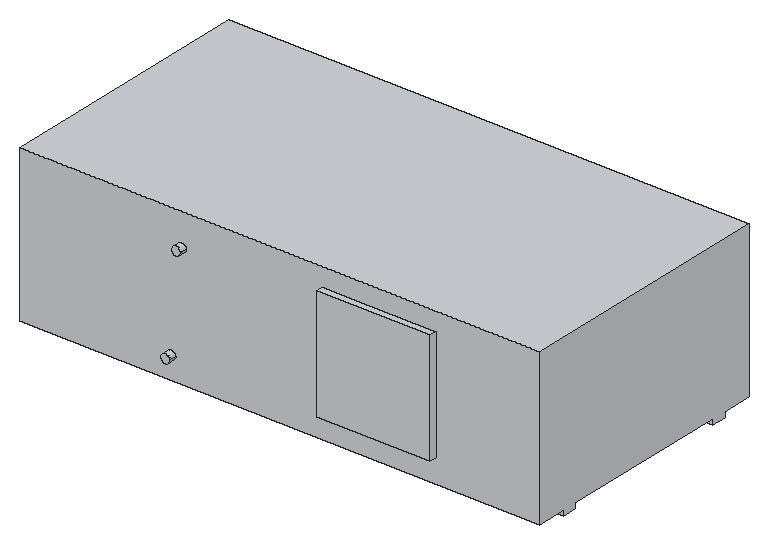
Revit family "M_WSHP - Horizontal - 21 kW - Retorno esquerdo - Descarga direita", category Equipamento mecânico, Revit 2019
Family settings
  Cota do conector redondo = Usar raio
  Tipo de parte = Normal
  Número OmniClass = 23.75.10.21.17
  Título OmniClass = Water-Source Heat Pumps
  ID de item do Seek = WSHP - Horizontal - 21 kW - Left Return - Right Discharge-0000-CAN-ENU
  Com base no plano de trabalho = Não
  Sempre na vertical = Sim
  Corte com vazios quando carregada = Não
  Compartilhado = Não
  Ponto de cálculo do ambiente = Não
Parameters (values of type "21 kW")
  Raio do fornecimento de água = 15 mm
  Diâmetro do fornecimento de água = Raio do fornecimento de água * 2  # 30 mm
  Raio do retorno da água = 15 mm
  Diâmetro do retorno da água = Raio do retorno da água * 2  # 30 mm
  Queda de pressão da água [instance] = 26200.1 Pa
  Fluxo da água [instance] = 1.14 L/s
  Voltagem = 460 V
  Largura do ar de fornecimento = 400 mm
  Altura do ar de fornecimento = 400 mm
  Largura do ar de retorno = 1300 mm
  Altura do ar de retorno = 450 mm
  Largura da bomba = 922 mm
  Material da bomba = none
  Comprimento da bomba = 1836.4 mm
  Altura da bomba = 548.7 mm
  Número de pólos = 3
  Classificação de carga = Refrigeração
  Fluxo da drenagem [instance] = 0.0 L/s
  Raio da condensação = 10 mm
  Diâmetro da condensação = Raio da condensação * 2  # 20 mm
  C6 Deslocamento 2 = 142.3 mm
  C6 Deslocamento 1 = 50.8 mm
  C5 Deslocamento 2 = 25.4 mm
  C5 Deslocamento 1 = 497.9 mm
  C4 Deslocamento 2 = 101.6 mm
  C4 Deslocamento 1 = 368.3 mm
  C2 Deslocamento 2 = 99 mm
  C2 Deslocamento 1 = 533.4 mm
  C1 Deslocamento 2 = 452.1 mm
  C1 Deslocamento 1 = 571.5 mm
  Carga aparente = 5934 VA
  Pressão estática externa [instance] = 273.72 Pa
  Fluxo de ar [instance] = 1132.67 L/s
Reference planes
  plane 1 "Centro (Frente/Trás)": y = 0
  plane 2: z = 0
  plane 3 "Centro (Esquerda/Direita)": x = 0
  plane 4: x = 1836.4
  plane 5: y = 922
  plane 6: z = 19.05
  plane 7: z = 567.75
  plane 8: y = 765.8
  plane 9: y = 156.2
  plane 10: y = 461
  plane 11: y = 816.6
  plane 12: y = 105.4
  plane 13: x = 1468.1
  plane 14: x = 1068.1
  plane 15: z = 101.6
  plane 16: z = 501.6
  plane 17: y = -25.4
  plane 18: x = 571.5
  plane 19: z = 452.1
  plane 20: x = 533.4
  plane 21: z = 99
  plane 22: z = 45.72
  plane 23: y = 815.32
  plane 24: x = -25.4
  plane 25: z = 92.35
  plane 26: z = 542.35
  plane 27: x = 1797.9
  plane 28: x = 497.9
  plane 29: y = 947.4
  plane 30: z = 142.3
  plane 31: y = 50.8
  plane 32: x = 25.4
Forms (mm)
  Extrusion 1, solid, material <- "Material da bomba"
    sketch origin (0, 0, 0) x (1, 0, 0) y (0, 1, 0)
      loop
        line (0, 0) -> (1836.4, 0) -> (1836.4, 922) -> (0, 922) -> (0, 0)
    from 19.05 to 567.75
  Extrusion 2, solid, material <- "Material da bomba"
    sketch origin (0, 0, 0) x (1, 0, 0) y (0, 1, 0)
      loop
        line (0, 816.6) -> (0, 765.8) -> (1836.4, 765.8) -> (1836.4, 816.6) -> (0, 816.6)
    from 0 to 19.05
  Extrusion 3, solid, material <- "Material da bomba"
    sketch origin (0, 0, 0) x (1, 0, 0) y (0, 1, 0)
      loop
        line (0, 156.2) -> (0, 105.4) -> (1836.4, 105.4) -> (1836.4, 156.2) -> (0, 156.2)
    from 0 to 19.05
  Extrusion 4, solid, material <- "Material da bomba"
    sketch origin (0, 0, 0) x (1, 0, 0) y (0, 0, 1)
      loop
        line (1068.1, 501.6) -> (1068.1, 101.6) -> (1468.1, 101.6) -> (1468.1, 501.6) -> (1068.1, 501.6)
    from 0 to 25.4
  Extrusion 5, solid, material <- "Material da bomba"
    sketch origin (0, 0, 0) x (1, 0, 0) y (0, 0, 1)
      loop
        circle (571.5, 452.1) r 15
    from 0 to 25.4
  Extrusion 6, solid, material <- "Material da bomba"
    sketch origin (0, 0, 0) x (1, 0, 0) y (0, 0, 1)
      loop
        circle (533.4, 99) r 15
    from 0 to 25.4
  Extrusion 7, solid, material <- "Material da bomba"
    sketch origin (0, 0, 0) x (0, 1, 0) y (0, 0, 1)
      loop
        circle (815.32, 45.72) r 10
    from 0 to -25.4
  Extrusion 8, solid, material <- "Material da bomba"
    sketch origin (0, 0, 0) x (1, 0, 0) y (0, 0, 1)
      loop
        line (1797.9, 542.35) -> (497.9, 542.35) -> (497.9, 92.35) -> (1797.9, 92.35) -> (1797.9, 542.35)
    from -922 to -947.4
  Extrusion 9, solid, material <- "Material da bomba"
    sketch origin (0, 0, 0) x (0, 1, 0) y (0, 0, 1)
      loop
        circle (50.8, 142.3) r 12.7
    from 0 to 25.4
Cuts and joins
  joined: Extrusion 1, Extrusion 2, Extrusion 3, Extrusion 4, Extrusion 5, Extrusion 6, Extrusion 7, Extrusion 8, Extrusion 9
Dimensions and locks
  "Comprimento da bomba": plane 3 "Centro (Esquerda/Direita)" to plane 4
  "Largura da bomba": plane 1 "Centro (Frente/Trás)" to plane 5
  plane 6 to plane 2 = 19.05 mm
  "Altura da bomba": plane 7 to plane 6
  equal spacing: plane 5, plane 10, plane 1 "Centro (Frente/Trás)"
  equal spacing: plane 8, plane 10, plane 9
  plane 8 to plane 9 = 609.6 mm
  locked: plane 11 to plane 8 at 50.8
  locked: plane 9 to plane 12 at 50.8
  "C4 Deslocamento 1": plane 4 to plane 13
  "Largura do ar de fornecimento": plane 13 to plane 14
  "C4 Deslocamento 2": plane 15 to plane 2
  "Altura do ar de fornecimento": plane 16 to plane 15
  locked: plane 17 to plane 1 "Centro (Frente/Trás)" at 25.4
  "C2 Deslocamento 2": plane 21 to plane 2
  "C2 Deslocamento 1": plane 20 to plane 3 "Centro (Esquerda/Direita)"
  "C1 Deslocamento 2": plane 19 to plane 2
  "C1 Deslocamento 1": plane 18 to plane 3 "Centro (Esquerda/Direita)"
  locked: plane 22 to plane 2 at 45.72
  locked: plane 5 to plane 23 at 106.68
  locked: plane 24 to plane 3 "Centro (Esquerda/Direita)" at 25.4
  "Altura do ar de retorno": plane 25 to plane 26
  "C5 Deslocamento 1": plane 3 "Centro (Esquerda/Direita)" to plane 28
  "Largura do ar de retorno": plane 28 to plane 27
  locked: plane 29 to plane 5 at 25.4
  "C6 Deslocamento 2": plane 30 to plane 2
  "C6 Deslocamento 1": plane 31 to plane 1 "Centro (Frente/Trás)"
  locked: plane 3 "Centro (Esquerda/Direita)" to plane 32 at 25.4
  "C5 Deslocamento 2": plane 26 to plane 7
  "Raio do fornecimento de água": radius of Extrusion 5 sketch curve
  "Raio do retorno da água": radius of Extrusion 6 sketch curve
  "Raio da condensação": radius of Extrusion 7 sketch curve
  radius of Extrusion 9 sketch curve = 12.7 mm
  aligned and locked: plane 5 to Extrusion 1
  aligned and locked: plane 4 to Extrusion 1
  aligned and locked: Extrusion 1 to plane 6
  aligned and locked: plane 7 to Extrusion 1
  aligned and locked: plane 11 to Extrusion 2
  aligned and locked: Extrusion 2 to plane 8
  aligned and locked: Extrusion 2 to plane 3 "Centro (Esquerda/Direita)"
  aligned and locked: plane 4 to Extrusion 2
  aligned and locked: Extrusion 1 to plane 3 "Centro (Esquerda/Direita)"
  aligned and locked: plane 1 "Centro (Frente/Trás)" to Extrusion 1
  aligned and locked: plane 9 to Extrusion 3
  aligned and locked: Extrusion 3 to plane 12
  aligned and locked: Extrusion 3 to plane 3 "Centro (Esquerda/Direita)"
  aligned and locked: plane 4 to Extrusion 3
  aligned and locked: plane 6 to Extrusion 3
  aligned and locked: plane 6 to Extrusion 2
  aligned and locked: Extrusion 3 to plane 2
  aligned and locked: Extrusion 2 to plane 2
  aligned and locked: plane 16 to Extrusion 4
  aligned and locked: Extrusion 4 to plane 15
  aligned and locked: Extrusion 4 to plane 14
  aligned and locked: plane 13 to Extrusion 4
  aligned and locked: Extrusion 4 to plane 1 "Centro (Frente/Trás)"
  aligned and locked: Extrusion 4 to plane 17
  aligned and locked: plane 18 to Extrusion 5 sketch curve
  aligned and locked: Extrusion 5 sketch curve to plane 19
  aligned and locked: plane 20 to Extrusion 6 sketch curve
  aligned and locked: Extrusion 6 sketch curve to plane 21
  aligned and locked: Extrusion 5 to plane 17
  aligned and locked: Extrusion 6 to plane 17
  aligned and locked: plane 23 to Extrusion 7 sketch curve
  aligned and locked: plane 22 to Extrusion 7 sketch curve
  aligned and locked: Extrusion 7 to plane 3 "Centro (Esquerda/Direita)"
  aligned and locked: Extrusion 7 to plane 24
  aligned and locked: Extrusion 8 to plane 26
  aligned and locked: Extrusion 8 to plane 25
  aligned and locked: Extrusion 8 to plane 27
  aligned and locked: plane 28 to Extrusion 8
  aligned and locked: Extrusion 8 to plane 29
  aligned and locked: Extrusion 8 to plane 5
  aligned and locked: plane 30 to Extrusion 9 sketch curve
  aligned and locked: plane 31 to Extrusion 9 sketch curve
  aligned and locked: Extrusion 9 to plane 3 "Centro (Esquerda/Direita)"
  aligned and locked: plane 32 to Extrusion 9
Automatic sketch dimensions
  Extrusion 1 sketch curve to plane 3 "Centro (Esquerda/Direita)" = 0 mm
  Extrusion 1 sketch curve to plane 4 = 0 mm
  Extrusion 1 sketch curve to plane 1 "Centro (Frente/Trás)" = 0 mm
  Extrusion 1 sketch curve to plane 5 = 0 mm
  Extrusion 2 sketch curve to plane 3 "Centro (Esquerda/Direita)" = 0 mm
  Extrusion 2 sketch curve to plane 4 = 0 mm
  Extrusion 2 sketch curve to plane 5 = 156.2 mm
  Extrusion 2 sketch curve to Extrusion 2 sketch curve = 50.8 mm
  Extrusion 3 sketch curve to plane 12 = 0 mm
  plane 3 "Centro (Esquerda/Direita)" to Extrusion 3 sketch curve = 0 mm
  Extrusion 3 sketch curve to plane 4 = 0 mm
  plane 9 to Extrusion 3 sketch curve = 0 mm
  Extrusion 4 sketch curve to plane 14 = 0 mm
  plane 13 to Extrusion 4 sketch curve = 0 mm
  plane 15 to Extrusion 4 sketch curve = 0 mm
  Extrusion 4 sketch curve to plane 16 = 0 mm
  plane 19 to Extrusion 8 sketch curve = 90.25 mm
  Extrusion 8 sketch curve to plane 18 = 73.6 mm
  plane 27 to Extrusion 8 sketch curve = 0 mm
  Extrusion 8 sketch curve to plane 15 = 9.25 mm
Connectors
  piping at (571.5, -25.4, 452.1), diameter 30, driven by "Raio do fornecimento de água", driven by "Fluxo da água"
    settings: on Extrusion 5, index 1, connector inside diameter 30 mm, connector length 0 mm, flow factor 0, pipe flow 1.14 L/s, pressure drop 0.0 Pa, fitting loss kfactor 0, connector angle 0.00°, fixture units 0, engagement length 0 mm, angle of deflection 0.00°, flow configuration 1, flow direction 1, fitting loss method 0, system type 7, joint type 0, gender type 0, connector reference index 2, connector utility 0, adjustable connector no, is connector primary yes, connector description "Entrada do fornecimento de água"
  piping at (533.4, -25.4, 99), diameter 30, driven by "Fluxo da água", driven by "Raio do retorno da água", driven by "Queda de pressão da água"
    settings: on Extrusion 6, index 2, connector inside diameter 30 mm, connector length 0 mm, flow factor 0, pipe flow 1.14 L/s, pressure drop 26200.1 Pa, fitting loss kfactor 0, connector angle 0.00°, fixture units 0, engagement length 0 mm, angle of deflection 0.00°, flow configuration 1, flow direction 2, fitting loss method 4, system type 8, joint type 0, gender type 0, connector reference index 1, connector utility 0, adjustable connector no, is connector primary no, connector description "Saída do retorno da água"
  piping at (-25.4, 815.32, 45.72), diameter 20, driven by "Raio da condensação", driven by "Fluxo da drenagem"
    settings: on Extrusion 7, index 3, connector inside diameter 20 mm, connector length 0 mm, flow factor 0, pipe flow 0.0 L/s, pressure drop 0.0 Pa, fitting loss kfactor 0, connector angle 0.00°, fixture units 0, engagement length 0 mm, angle of deflection 0.00°, flow configuration 1, flow direction 2, fitting loss method 0, system type 16, joint type 0, gender type 0, connector reference index -1, connector utility 0, adjustable connector yes, is connector primary no, connector description "Saída de condensação"
  hvac at (1268.1, -25.4, 301.6), driven by "Fluxo de ar", driven by "Altura do ar de fornecimento", driven by "Largura do ar de fornecimento"
    settings: on Extrusion 4, index 4, duct flow 1132.67 L/s, flow factor 0, pres drop 0.0 Pa, loss coef 0, conn angle 0.00°, conn width 400 mm, conn height 400 mm, conn diameter 609.6 mm, duct sys type 1, conn prof type 1, flow config 0, flow direction 2, loss method 0, conn ref index 5, conn util no, is conn primary yes, conn desc ""
  hvac at (1147.9, 947.4, 317.35), driven by "Fluxo de ar", driven by "Altura do ar de retorno", driven by "Largura do ar de retorno"
    settings: on Extrusion 8, index 5, duct flow 1132.67 L/s, flow factor 0, pres drop 0.0 Pa, loss coef 0, conn angle 0.00°, conn width 1300 mm, conn height 450 mm, conn diameter 609.6 mm, duct sys type 2, conn prof type 1, flow config 0, flow direction 1, loss method 0, conn ref index 4, conn util no, is conn primary no, conn desc ""
  electrical at (0, 50.8, 142.3), driven by "Carga aparente", driven by "Voltagem", driven by "Número de pólos", driven by "Classificação de carga"
    settings: on Extrusion 9, index 6, voltage 460 V, apparent load 5934 VA, apparent load phase1 0 VA, apparent load phase2 0 VA, apparent load phase3 0 VA, power factor 0.8, load classification "Refrigeração", number of poles 3, system type 30, power factor state 1, is connector primary yes, connector utility no, sub classification motor no, connector description ""
